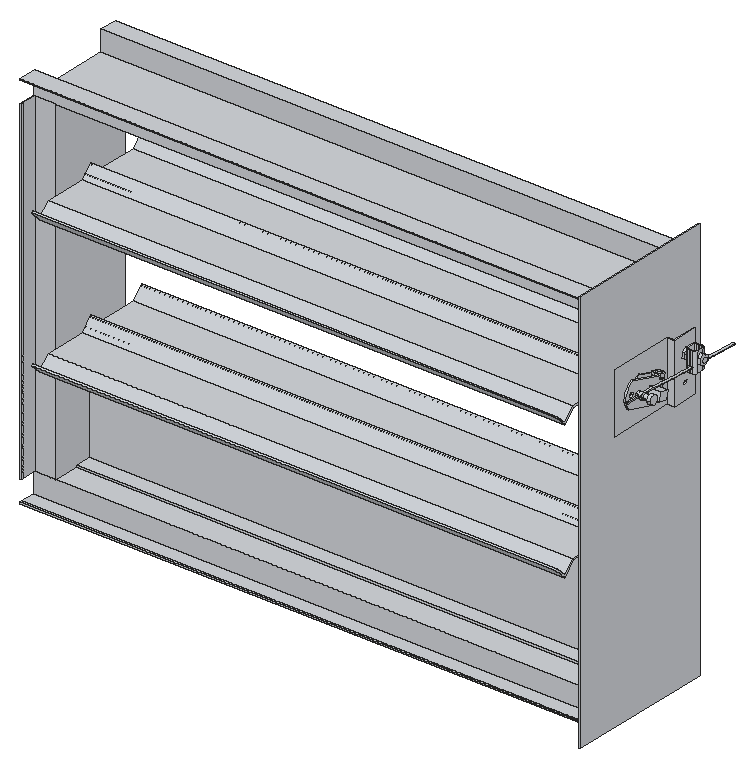
Revit family "BO-110H", category Mechanical Equipment, Revit 2015
Parameters
  URL = "https://unitedenertech.com/catalog/pdf/E_14a%20Diffuser,%20Grille%20Balancing%20Bowden%20Cable%20System.pdf"
  Type Comments = "Max. Single Section Size is (24\"w x 18\"h)"
  Model = "BO-110H"
  Manufacturer = "United Enertech Corporation"
  Keynote = "This model is only a representation of the product, blade position will vary from built dampers."
  Exact Width = 2' - 0"
  Exact Height = 1' - 4"
  Description = "Control Damper Diffuser/Grille Balancing Bowden Cable System"
  Blade Spacing = 0' - 5 3/4"
  Blade Number [instance] = rounddown((Exact Height - 0' 4") / Blade Spacing)  # 2
  BW [instance] = Exact Width - 0' 1 247/256"  # 1' - 10 9/256"
Reference planes (in)
  plane 1 "Center (Front/Back)": y = 0
  plane 2: z = 0
  plane 3 "Center (Left/Right)": x = 0
  plane 4: x = -12
  plane 5: x = 12
  plane 6: z = 16
  plane 7: z = 15.0652
  plane 8: z = 0.9348
  plane 9: x = -11.0652
  plane 10: x = 11.0652
  plane 11: z = 11.63988
  plane 12: z = -0.5
  plane 13: z = 16.5
  plane 14: y = 5.625
  plane 15: y = -0.625
  plane 16: x = 12.0478
  plane 17: x = 13.0478
  plane 18: z = 12.99846
Forms (in)
  Extrusion 1, solid
    sketch origin (18.89882, -8.11588, 0) x (1, 0, 0) y (0, 1, 0)
      loop
        line (-30.83902, 8.11588) -> (-30.83902, 8.17568) -> (-30.83902, 8.80608) -> (-29.96402, 8.80608) -> (-29.96402, 12.42568) -> (-30.83902, 12.42568) -> (-30.83902, 13.05608) -> (-30.83902, 13.11588) -> (-30.89882, 13.11588) -> (-30.89882, 12.36588) -> (-30.02382, 12.36588) -> (-30.02382, 8.86588) -> (-30.89882, 8.86588) -> (-30.89882, 8.11588) -> (-30.83902, 8.11588)
    from 0.9348 to 15.0652
  Extrusion 2, solid
    sketch origin (-18.89882, -8.11588, 0) x (-1, 0, 0) y (0, -1, 0)
      loop
        line (-30.83902, -8.11588) -> (-30.89882, -8.11588) -> (-30.89882, -8.86588) -> (-30.02382, -8.86588) -> (-30.02382, -12.36588) -> (-30.89882, -12.36588) -> (-30.89882, -13.11588) -> (-30.83902, -13.11588) -> (-30.83902, -13.05608) -> (-30.83902, -12.42568) -> (-29.96402, -12.42568) -> (-29.96402, -8.80608) -> (-30.83902, -8.80608) -> (-30.83902, -8.17568) -> (-30.83902, -8.11588)
    from 0.9348 to 15.0652
  Extrusion 3, solid
    sketch origin (-18.65691, -8.11588, 5.10118) x (0, 0, -1) y (0, 1, 0)
      loop
        line (-10.83902, 8.11588) -> (-10.83902, 8.17568) -> (-10.83902, 8.80608) -> (-9.96402, 8.80608) -> (-9.96402, 12.42568) -> (-10.83902, 12.42568) -> (-10.83902, 13.05608) -> (-10.83902, 13.11588) -> (-10.89882, 13.11588) -> (-10.89882, 12.36588) -> (-10.02382, 12.36588) -> (-10.02382, 8.86588) -> (-10.89882, 8.86588) -> (-10.89882, 8.11588) -> (-10.83902, 8.11588)
    from 6.65691 to 30.65691
  Extrusion 4, solid
    sketch origin (-30.43142, -8.11588, 36.89882) x (0, 0, 1) y (0, 1, 0)
      loop
        line (-36.83902, 8.17568) -> (-36.83902, 8.80608) -> (-35.96402, 8.80608) -> (-35.96402, 12.42568) -> (-36.83902, 12.42568) -> (-36.83902, 13.05608) -> (-36.83902, 13.11588) -> (-36.89882, 13.11588) -> (-36.89882, 12.36588) -> (-36.02382, 12.36588) -> (-36.02382, 8.86588) -> (-36.89882, 8.86588) -> (-36.89882, 8.11588) -> (-36.83902, 8.11588) -> (-36.83902, 8.17568)
    from -42.43142 to -18.43142
  Extrusion 5, solid
    sketch origin (-35.50069, -38.44609, 25.36795) x (0, -1, 0) y (0, 0, -1)
      loop
        line (-41.02709, 10.80275) -> (-41.02709, 10.30275) -> (-40.27709, 10.30275) -> (-40.27709, 10.38375) -> (-40.94609, 10.38375) -> (-40.94609, 10.80275) -> (-41.02709, 10.80275)
    from 24.43549 to 46.56589
  Extrusion 6, solid
    sketch origin (0, 0, 0) x (0, 1, 0) y (0, 0, 1)
      loop
        line (2.5, 0.9348) -> (2.5, 4.9348) -> (2.42187, 4.9348) -> (2.42187, 1.01292) -> (1.75, 1.01292) -> (1.75, 0.9348) -> (2.5, 0.9348)
    from -11.0652 to 11.0652
  Extrusion 7, solid
    sketch origin (0, 0, 0) x (0, 1, 0) y (0, 0, 1)
      loop
        line (5.625, 16.5) -> (-0.625, 16.5) -> (-0.625, -0.5) -> (5.625, -0.5) -> (5.625, 16.5)
    from 12 to 12.0478
  Extrusion 8, solid
    sketch origin (0, 6.21341, 0.32457) x (0, 0.866025, 0.5) y (0, -0.5, 0.866025)
      loop
        line (2.75199, 11.75769) -> (2.50208, 12.0076) -> (2.25013, 11.75565) -> (2.50004, 11.50574) -> (2.75199, 11.75769)
    from 12 to 13.0478
Dimensions and locks (in)
  equal spacing: plane 4, plane 3 "Center (Left/Right)", plane 5
  "Exact Width": plane 4 to plane 5
  "Exact Height": plane 6 to level
  locked: plane 6 to plane 7 at 0.9348
  locked: plane 8 to level at 0.9348
  locked: plane 10 to plane 5 at 0.9348
  locked: plane 4 to plane 9 at 0.9348
  locked: plane 6 to plane 11 at 4.36012
  group 1 to group 2 = 0' - 0"  (x2)
  group 2 to group 1 = 0' - 5 3/4"
  "Blade Spacing": nested 1 to nested 2
  locked: level to plane 12 at 0.5
  locked: plane 13 to plane 6 at 0.5
  locked: plane 5 to plane 16 at 0.0478
  locked: plane 16 to plane 17 at 1
  locked: plane 6 to plane 18 at 3.00154
  aligned and locked: level to plane 2
  aligned and locked: plane 6 to Extrusion 3
  aligned and locked: plane 4 to Extrusion 3
  aligned and locked: Extrusion 3 to plane 5
  aligned and locked: plane 7 to Extrusion 1
  aligned and locked: plane 7 to Extrusion 2
  aligned and locked: Extrusion 1 to plane 8
  aligned and locked: Extrusion 2 to plane 8
  aligned and locked: Extrusion 4 to plane 5
  aligned and locked: plane 4 to Extrusion 4
  aligned and locked: Extrusion 5 to Extrusion 3
  aligned and locked: plane 10 to Extrusion 5
  aligned and locked: Extrusion 5 to plane 9
  aligned and locked: plane 11 to nested 1
  aligned and locked: plane 10 to Extrusion 6
  aligned and locked: Extrusion 6 to plane 9
  aligned and locked: Extrusion 7 sketch curve to plane 13
  aligned and locked: plane 12 to Extrusion 7 sketch curve
  aligned and locked: plane 15 to Extrusion 7 sketch curve
  aligned and locked: Extrusion 7 sketch curve to plane 14
  aligned and locked: plane 5 to Extrusion 7
  aligned and locked: plane 16 to Extrusion 7
  aligned and locked: plane 5 to Extrusion 8
  aligned and locked: Extrusion 8 to plane 17
  aligned and locked: nested 3 to plane 16
  aligned and locked: plane 18 to nested 3
Automatic sketch dimensions
  Extrusion 3 sketch curve to plane 6 = 0' - 0"  (x2)
  Extrusion 3 sketch curve to plane 1 "Center (Front/Back)" = 0' - 0"
  Extrusion 3 sketch curve to plane 7 = 0' - 0"
  Extrusion 3 sketch curve to plane 6 = 0' - 0.0598"  (x2)
  plane 7 to Extrusion 3 sketch curve = 0' - 0.0598"
  Extrusion 3 sketch curve to Extrusion 3 sketch curve = 0' - 0.0598"  (x4)
  Extrusion 3 sketch curve to Extrusion 3 sketch curve = 0' - 0.6304"  (x2)
  Extrusion 3 sketch curve to Extrusion 3 sketch curve = 0' - 3 1/2"
  Extrusion 4 sketch curve to level = 0' - 0"  (x2)
  Extrusion 4 sketch curve to plane 1 "Center (Front/Back)" = 0' - 0"
  Extrusion 4 sketch curve to plane 8 = 0' - 0"
  level to Extrusion 4 sketch curve = 0' - 0.0598"  (x2)
  Extrusion 4 sketch curve to plane 8 = 0' - 0.0598"
  Extrusion 4 sketch curve to plane 1 "Center (Front/Back)" = 0' - 0.0598"
  Extrusion 4 sketch curve to Extrusion 4 sketch curve = 0' - 0.6304"  (x2)
  Extrusion 4 sketch curve to Extrusion 4 sketch curve = 0' - 0.0598"  (x3)
  Extrusion 4 sketch curve to Extrusion 4 sketch curve = 0' - 3 1/2"
  Extrusion 5 sketch curve to plane 1 "Center (Front/Back)" = 0' - 2.581"
  Extrusion 5 sketch curve to Extrusion 5 sketch curve = 0' - 0.081"  (x2)
  Extrusion 5 sketch curve to Extrusion 5 sketch curve = 0' - 0.669"
  plane 8 to Extrusion 5 sketch curve = 1' - 2.1304"
  Extrusion 5 sketch curve to Extrusion 5 sketch curve = 0' - 0.419"
  Extrusion 6 sketch curve to plane 8 = 0' - 0"
  plane 8 to Extrusion 6 sketch curve = 0' - 0 5/64"
  Extrusion 6 sketch curve to plane 1 "Center (Front/Back)" = 0' - 1 3/4"
  Extrusion 6 sketch curve to plane 1 "Center (Front/Back)" = 0' - 2 27/64"
  Extrusion 6 sketch curve to Extrusion 6 sketch curve = 0' - 0 5/64"
  Extrusion 6 sketch curve to Extrusion 6 sketch curve = 0' - 3 59/64"
  Extrusion 1 sketch curve to plane 4 = 0' - 0"  (x2)
  plane 1 "Center (Front/Back)" to Extrusion 1 sketch curve = 0' - 0"
  Extrusion 1 sketch curve to plane 9 = 0' - 0"
  Extrusion 1 sketch curve to plane 4 = 0' - 0.0598"  (x2)
  Extrusion 1 sketch curve to plane 9 = 0' - 0.0598"
  Extrusion 1 sketch curve to plane 1 "Center (Front/Back)" = 0' - 0.0598"
  Extrusion 1 sketch curve to Extrusion 1 sketch curve = 0' - 0.6304"  (x2)
  Extrusion 1 sketch curve to Extrusion 1 sketch curve = 0' - 0.0598"  (x3)
  Extrusion 1 sketch curve to plane 14 = 0' - 1 3/8"
  Extrusion 2 sketch curve to plane 5 = 0' - 0"  (x2)
  plane 1 "Center (Front/Back)" to Extrusion 2 sketch curve = 0' - 0"
  Extrusion 2 sketch curve to plane 10 = 0' - 0"
  Extrusion 2 sketch curve to plane 5 = 0' - 0.0598"  (x2)
  Extrusion 2 sketch curve to plane 10 = 0' - 0.0598"
  Extrusion 2 sketch curve to Extrusion 2 sketch curve = 0' - 0.0598"  (x4)
  Extrusion 2 sketch curve to Extrusion 2 sketch curve = 0' - 0.6304"  (x2)
  plane 14 to Extrusion 2 sketch curve = 0' - 1 3/8"
  Extrusion 8 sketch curve to plane 11 = 0' - 0.00956"
  Extrusion 8 sketch curve to plane 1 "Center (Front/Back)" = 0' - 2.28426"
  Extrusion 8 sketch curve to Extrusion 8 sketch curve = 0' - 0.24991"  (x2)
  Extrusion 8 sketch curve to Extrusion 8 sketch curve = 0' - 0.25195"
Nested families (in)
  nested 1: "CDBLADE" at (0, -1.88123, 5.60988), type "CDBLADE"
  nested 2: "CDBLADE" at (0, -1.88123, -0.14012), type "CDBLADE"
  nested 3: "Bowden Controller" at (3.98214, -6.36308, 12.99846) x (0, -1, 0) z (0, 0, -1), type "Bowden Controller"
Definition of nested family "CDBLADE"
  Parameters (values of type "CDBLADE")
    Blade Width = 2' - 0"
  Reference planes (in)
    plane 1 "Center (Front/Back)": y = 0
    plane 2: z = 0
    plane 3 "Center (Left/Right)": x = 0
    plane 4: x = -12
    plane 5: x = 12
    plane 6: x = -10
    plane 7: x = 10
    plane 8: x = 13
    plane 9: x = -13
  Forms (in)
    Extrusion 1, solid
      sketch origin (-5.47457, 40.29466, 20.09893) x (0, 1, 0) y (0, 0, 1)
        loop
          line (-38.9965, -14.09675) -> (-39.03892, -14.13918) -> (-38.59483, -14.58328) -> (-38.14048, -14.12893) -> (-36.34342, -14.12893) -> (-35.91392, -13.69943) -> (-35.48443, -14.12893) -> (-33.66252, -14.12893) -> (-33.23302, -13.69943) -> (-32.83135, -14.1011) -> (-32.78892, -14.05868) -> (-33.23302, -13.61458) -> (-33.68737, -14.06893) -> (-35.45957, -14.06893) -> (-35.91392, -13.61458) -> (-36.36828, -14.06893) -> (-38.16533, -14.06893) -> (-38.59483, -14.49842) -> (-38.9965, -14.09675)
      from -6.52543 to 17.47457
    Extrusion 2, solid
      sketch origin (-5.47457, 40.31254, 20.55465) x (0, 1, 0) y (0, 0, 1)
        loop
          line (-35.93181, -14.15516) -> (-36.19054, -14.4148) -> (-35.93131, -14.67313) -> (-35.67217, -14.41399) -> (-35.93181, -14.15516)
      from 15.47457 to 18.47457
    Extrusion 3, solid
      sketch origin (-19.72457, 40.31254, 20.55465) x (0, 1, 0) y (0, 0, 1)
        loop
          line (-35.93181, -14.15516) -> (-36.19054, -14.4148) -> (-35.93131, -14.67313) -> (-35.67217, -14.41399) -> (-35.93181, -14.15516)
      from 6.72457 to 9.72457
  Dimensions and locks (in)
    equal spacing: plane 4, plane 3 "Center (Left/Right)", plane 5
    "Blade Width": plane 4 to plane 5
    locked: plane 9 to plane 4 at 1
    locked: plane 4 to plane 6 at 2
    locked: plane 7 to plane 5 at 2
    locked: plane 5 to plane 8 at 1
    aligned and locked: level to plane 2
    aligned and locked: plane 4 to Extrusion 1
    aligned and locked: plane 5 to Extrusion 1
    aligned and locked: plane 8 to Extrusion 2
    aligned and locked: plane 7 to Extrusion 2
    aligned and locked: Extrusion 3 to plane 9
    aligned and locked: Extrusion 3 to plane 6
  Automatic sketch dimensions
    Extrusion 1 sketch curve to plane 1 "Center (Front/Back)" = 0' - 1.25573"
    Extrusion 1 sketch curve to Extrusion 1 sketch curve = 0' - 0.04243"  (x2)
    Extrusion 1 sketch curve to Extrusion 1 sketch curve = 0' - 0.40167"  (x2)
    Extrusion 1 sketch curve to Extrusion 1 sketch curve = 0' - 0"  (x4)
    Extrusion 1 sketch curve to Extrusion 1 sketch curve = 0' - 0.4295"  (x2)
    Extrusion 1 sketch curve to Extrusion 1 sketch curve = 0' - 0.02485"  (x4)
    Extrusion 1 sketch curve to Extrusion 1 sketch curve = 0' - 1.7722"  (x2)
    Extrusion 1 sketch curve to Extrusion 1 sketch curve = 0' - 0.45435"  (x2)
    level to Extrusion 1 sketch curve = 0' - 5.51565"
    Extrusion 1 sketch curve to Extrusion 1 sketch curve = 0' - 0.35925"
    Extrusion 1 sketch curve to Extrusion 1 sketch curve = 0' - 0.02782"
    Extrusion 2 sketch curve to plane 1 "Center (Front/Back)" = 0' - 4.122"
    Extrusion 2 sketch curve to Extrusion 2 sketch curve = 0' - 0.25873"
    Extrusion 2 sketch curve to Extrusion 2 sketch curve = 0' - 0.25923"
    Extrusion 2 sketch curve to Extrusion 2 sketch curve = 0' - 0.25914"  (x2)
    level to Extrusion 2 sketch curve = 0' - 5.88153"
    Extrusion 2 sketch curve to Extrusion 2 sketch curve = 0' - 0.25833"
    Extrusion 3 sketch curve to plane 1 "Center (Front/Back)" = 0' - 4.122"
    Extrusion 3 sketch curve to Extrusion 3 sketch curve = 0' - 0.25873"
    Extrusion 3 sketch curve to Extrusion 3 sketch curve = 0' - 0.25923"
    Extrusion 3 sketch curve to Extrusion 3 sketch curve = 0' - 0.25914"  (x2)
    level to Extrusion 3 sketch curve = 0' - 5.88153"
    Extrusion 3 sketch curve to Extrusion 3 sketch curve = 0' - 0.25833"
Definition of nested family "Bowden Controller"
  Reference planes (in)
    plane 1 "Center (Front/Back)": y = 0
    plane 2: z = 0
    plane 3 "Center (Left/Right)": x = 0
  Forms (in)
    Extrusion 1, solid
      sketch origin (0, 1.16568, 0) x (1, 0, 0) y (0, 1, 0)
        loop
          line (-11.33818, -9.57834) -> (-10.24418, -9.57834) -> (-10.24418, -9.27914) -> (-7.48198, -9.27914) -> (-7.48198, -9.23134) -> (-10.29198, -9.23134) -> (-10.29198, -9.53054) -> (-11.33818, -9.53054) -> (-11.33818, -9.57834)
      from 0 to 2.5
    Extrusion 2, void
      sketch origin (0, 0, 0) x (1, 0, 0) y (0, 0, 1)
        loop
          circle (-10.80456, 1.814) r 0.1
      from 8.11346 to 8.69111
    Extrusion 3, void
      sketch origin (0, 0, 2.5) x (1, 0, 0) y (0, 0, 1)
        loop
          circle (-10.80456, -1.814) r 0.1
      from 8.11346 to 8.69111
    Extrusion 4, void
      sketch origin (0, 0, 0) x (1, 0, 0) y (0, 0, 1)
        loop
          circle (-8.86308, 1.25) r 0.4375
      from 7.46393 to 8.69111
    Extrusion 5, solid
      sketch origin (-4.60825, -8.36486, -0.54008) x (1, 0, 0) y (0, 0, 1)
        loop
          circle (-6.1963, 1.22608) r 0.095
      from 0 to 0.88668
    Revolve 6, solid
      sketch origin (-4.60825, -8.36486, 0.686) x (1, 0, 0) y (0, 1, 0)
        loop
          line (-6.4163, 0.125) -> (-6.2913, 0) -> (-6.1963, 0) -> (-6.1963, 0.125) -> (-6.4163, 0.125)
        axis (-6.1963, 0) -> (-6.1963, 0.125)
      angle from 0 to 360
    Extrusion 7, solid
      sketch origin (-6.09625, -8.43895, -0.48569) x (1, 0, 0) y (0, 0, 1)
        loop
          line (-4.89304, 1.27995) -> (-4.89304, 1.06344) -> (-4.70554, 0.95519) -> (-4.51804, 1.06344) -> (-4.51804, 1.27995) -> (-4.70554, 1.3882) -> (-4.89304, 1.27995)
      from 0 to 0.128
    Extrusion 8, void
      sketch origin (-5.45346, -8.43895, 0.28035) x (1, 0, 0) y (0, 0, 1)
        loop
          circle (-5.34833, 0.40565) r 0.095
      from -0.10167 to 0.17385
    Extrusion 9, solid
      sketch origin (-18.94958, 1.04, 0.35517) x (0, 1, 0) y (-1, 0, 0)
        loop
          line (-9.8671, -8.39503) -> (-9.77214, -8.39503)
          arc (-9.77214, -8.39503) -> (-9.68372, -8.3584) -> (-9.6471, -8.26999) r 0.12504
          line (-9.6471, -8.26999) -> (-9.6471, -8.02073)
          arc (-9.6471, -8.02073) -> (-9.68391, -7.93184) -> (-9.7728, -7.89503) r 0.12571
          line (-9.7728, -7.89503) -> (-9.8671, -7.89503) -> (-9.8671, -7.94283) -> (-9.75861, -7.94283)
          arc (-9.75861, -7.94283) -> (-9.71356, -7.96149) -> (-9.6949, -8.00654) r 0.06372
          line (-9.6949, -8.00654) -> (-9.6949, -8.28351)
          arc (-9.6949, -8.28351) -> (-9.71356, -8.32856) -> (-9.75861, -8.34723) r 0.06372
          line (-9.75861, -8.34723) -> (-9.8671, -8.34723) -> (-9.8671, -8.39503)
      from 0 to 0.835
    Extrusion 10, void
      sketch origin (-18.94958, -8.51144, 1.1835) x (-1, 0, 0) y (0, 0, -1)
        loop
          circle (-8.14503, 0.495) r 0.105
      from 0 to 0.26024
    Extrusion 11, void
      sketch origin (-2.65953, 3.23856, 0.1935) x (0, 1, 0) y (0, 0, 1)
        loop
          circle (-12.06566, 0.82667) r 0.094
      from -8.5611 to -7.71467
    Extrusion 12, solid
      sketch origin (-18.94958, -18.69419, 0.35517) x (0, 1, 0) y (-1, 0, 0)
        loop
          line (9.8671, -8.39503) -> (9.8671, -8.34723) -> (9.75861, -8.34723)
          arc (9.75861, -8.34723) -> (9.71356, -8.32856) -> (9.6949, -8.28351) r 0.06372
          line (9.6949, -8.28351) -> (9.6949, -8.00654)
          arc (9.6949, -8.00654) -> (9.71356, -7.96149) -> (9.75861, -7.94283) r 0.06372
          line (9.75861, -7.94283) -> (9.8671, -7.94283) -> (9.8671, -7.89503) -> (9.7728, -7.89503)
          arc (9.7728, -7.89503) -> (9.68391, -7.93184) -> (9.6471, -8.02073) r 0.12571
          line (9.6471, -8.02073) -> (9.6471, -8.26999)
          arc (9.6471, -8.26999) -> (9.68372, -8.3584) -> (9.77214, -8.39503) r 0.12504
          line (9.77214, -8.39503) -> (9.8671, -8.39503)
      from 0 to 0.835
    Extrusion 13, void
      sketch origin (-18.94958, -9.14276, 1.1835) x (-1, 0, 0) y (0, 0, 1)
        loop
          circle (-8.14503, -0.495) r 0.105
      from 0 to 0.26024
    Extrusion 14, void
      sketch origin (-2.65953, -20.89276, 0.1935) x (0, -1, 0) y (0, 0, -1)
        loop
          circle (-12.06566, -0.82667) r 0.094
      from -8.5611 to -7.71467
    Extrusion 15, solid
      sketch origin (-6.09625, -9.21525, -0.48569) x (1, 0, 0) y (0, 0, -1)
        loop
          line (-4.89304, -1.27995) -> (-4.70554, -1.3882) -> (-4.51804, -1.27995) -> (-4.51804, -1.06344) -> (-4.70554, -0.95519) -> (-4.89304, -1.06344) -> (-4.89304, -1.27995)
      from 0 to 0.128
    Extrusion 16, solid
      sketch origin (-4.89874, 1.46452, -0.48487) x (0.956305, 0, -0.292372) y (0, 1, 0)
        loop
          line (-2.93734, -10.02044) -> (-2.93734, -9.93944) -> (-4.78584, -9.93944)
          arc (-4.78584, -9.93944) -> (-4.91734, -9.80794) -> (-4.78584, -9.67644) r 0.1315
          line (-4.78584, -9.67644) -> (-3.72534, -9.67644) -> (-3.72534, -9.59544) -> (-4.78584, -9.59544)
          arc (-4.78584, -9.59544) -> (-4.99834, -9.80794) -> (-4.78584, -10.02044) r 0.2125
          line (-4.78584, -10.02044) -> (-2.93734, -10.02044)
      from 0 to 1
    Extrusion 17, void
      sketch origin (-4.89874, 1.46452, -0.48487) x (0.956305, 0, -0.292372) y (0.292372, 0, 0.956305)
        loop
          line (-3.188, 0) -> (-3.188, -0.19122) -> (-2.56999, -0.19122) -> (-2.56999, 1.22154) -> (-3.188, 1.22154) -> (-3.188, 1)
          arc (-3.188, 1) -> (-2.93734, 0.5) -> (-3.188, 0) r 0.62402
      from 9.88197 to 10.10816
    Extrusion 18, void
      sketch origin (-5.65231, 1.46452, -0.25448) x (0.956305, 0, -0.292372) y (0.292372, 0, 0.956305)
        loop
          line (-3.188, 0) -> (-3.188, -0.19122) -> (-2.56999, -0.19122) -> (-2.56999, 1.22154) -> (-3.188, 1.22154) -> (-3.188, 1)
          arc (-3.188, 1) -> (-2.93734, 0.5) -> (-3.188, 0) r 0.62402
      from 9.52572 to 9.8001
    Extrusion 19, void
      sketch origin (-4.89874, 1.46452, -0.48487) x (0.956305, 0, -0.292372) y (0.292372, 0, 0.956305)
        loop
          circle (-3.18334, 0.5) r 0.125
      from 9.67644 to 10.5
    Extrusion 20, void
      sketch origin (-4.89874, 1.46452, -0.48487) x (0.956305, 0, -0.292372) y (0.292372, 0, 0.956305)
        loop
          circle (-3.53134, 0.5) r 0.125
      from 9.67644 to 10.52044
    Extrusion 21, void
      sketch origin (-4.89874, 1.46452, -0.48487) x (0.956305, 0, -0.292372) y (0.292372, 0, 0.956305)
        loop
          line (-5.15454, 0.581) -> (-5.15454, 0.419) -> (-4.49084, 0.419) -> (-4.49084, 0.3075) -> (-4.10584, 0.3075) -> (-4.10584, 0.6925) -> (-4.49084, 0.6925) -> (-4.49084, 0.581) -> (-5.15454, 0.581)
      from 9.25154 to 10.26854
    Extrusion 22, void
      sketch origin (-4.96808, 1.46452, -0.71164) x (0.956305, 0, -0.292372) y (0.292372, 0, 0.956305)
        loop
          line (-4.99834, 1.23714) -> (-4.99834, 1.10514) -> (-4.57534, 1.10514) -> (-4.57534, 1.23714) -> (-4.99834, 1.23714)
      from 9.25154 to 10.19885
    Extrusion 23, void
      sketch origin (-5.22186, 1.46452, -1.54172) x (0.956305, 0, -0.292372) y (0.292372, 0, 0.956305)
        loop
          line (-4.99834, 1.23714) -> (-4.99834, 1.10514) -> (-4.57534, 1.10514) -> (-4.57534, 1.23714) -> (-4.99834, 1.23714)
      from 9.25154 to 10.19885
    Extrusion 24, solid
      sketch origin (-8.08776, -14.52887, 1.33974) x (0, -1, 0) y (-0.956305, 0, 0.292372)
        loop
          circle (-6.1963, 1.22608) r 0.095
      from 0 to 0.88668
    Revolve 25, solid
      sketch origin (-9.26026, -14.52887, 1.69821) x (0, -1, 0) y (0.292372, 0, 0.956305)
        loop
          line (-6.4163, 0.125) -> (-6.2913, 0) -> (-6.1963, 0) -> (-6.1963, 0.125) -> (-6.4163, 0.125)
        axis (-6.1963, 0) -> (-6.1963, 0.125)
      angle from 0 to 360
    Extrusion 26, solid
      sketch origin (-8.38839, -13.04087, 0.5424) x (0, -1, 0) y (0.956305, 0, -0.292372)
        loop
          line (-4.89304, -1.27995) -> (-4.70554, -1.3882) -> (-4.51804, -1.27995) -> (-4.51804, -1.06344) -> (-4.70554, -0.95519) -> (-4.89304, -1.06344) -> (-4.89304, -1.27995)
      from 0 to 0.128
    Extrusion 27, void
      sketch origin (-5.45346, -9.12437, 0.28035) x (1, 0, 0) y (0, 0, 1)
        loop
          circle (-5.34833, 0.40565) r 0.095
      from -0.10167 to 0.17385
    Extrusion 28, void
      sketch origin (-9.09439, -13.68366, 0.85328) x (0, -1, 0) y (-0.956305, 0, 0.292372)
        loop
          circle (-5.34833, 0.40565) r 0.095
      from -0.10167 to 0.17385
    Extrusion 29, solid
      sketch origin (-3.32807, -8.40992, -0.88362) x (1, 0, 0) y (0, 0, 1)
        loop
          circle (-4.80153, 1.90937) r 0.175
      from 0 to 0.065
    Extrusion 30, solid
      sketch origin (-3.32807, -8.40992, -0.88362) x (1, 0, 0) y (0, 0, 1)
        loop
          circle (-4.80153, 1.90937) r 0.1225
      from 0.065 to 0.421
    Extrusion 31, solid
      sketch origin (-3.32807, -8.40992, -0.88362) x (1, 0, 0) y (0, 0, 1)
        loop
          circle (-4.80153, 1.90937) r 0.095
      from 0.421 to 0.6885
    Extrusion 32, solid
      sketch origin (-3.32807, -8.65992, -0.88362) x (1, 0, 0) y (0, 0, 1)
        loop
          circle (-4.80153, 1.90937) r 0.175
      from 0.4385 to 0.5793
    Extrusion 33, void
      sketch origin (-3.32807, -8.40992, -0.88362) x (0, 1, 0) y (0, 0, 1)
        loop
          circle (-0.243, 1.90937) r 0.08044
      from -4.99008 to -4.61212
    Sweep 34, solid
      path in 3D
        loop
          spline (-12.69767, -8.93222, 1.02257) -> (-12.00336, -8.89056, 1.02257) -> (-11.39438, -8.86439, 1.02257) -> (-10.86338, -8.84677, 1.02257) -> (-10.40297, -8.83079, 1.02257) -> (-10.00568, -8.80963, 1.02257) -> (-9.65968, -8.78098, 1.02257) -> (-9.3473, -8.74864, 1.02257) -> (-9.05043, -8.71683, 1.02257) -> (-8.75092, -8.68977, 1.02257) -> (-8.42014, -8.67051, 1.02257) -> (-8.0037, -8.65918, 1.02257) -> (-7.44327, -8.65547, 1.02257)
      profile origin (-9.65968, -8.78098, 1.02257) x (-0.095223, 0.995456, 0) y (0, 0, 1)
        loop
          circle (0, 0) r 0.04209
  Cuts and joins
    Extrusion 2, Extrusion 3, Extrusion 4 cuts Extrusion 1
    Extrusion 8, Extrusion 27 cuts Extrusion 7
    Extrusion 10, Extrusion 11, Extrusion 13, Extrusion 14 cuts Extrusion 9
    Extrusion 13, Extrusion 14 cuts Extrusion 12
    Extrusion 17, Extrusion 18, Extrusion 19, Extrusion 20, Extrusion 21, Extrusion 22, Extrusion 23 cuts Extrusion 16
    Extrusion 27 cuts Revolve 6
    Extrusion 27, Extrusion 28 cuts Extrusion 15
    Extrusion 28 cuts Extrusion 26
    Extrusion 33 cuts Extrusion 30
  Lines and regions (in)
    sketch lines
      curve 1: spline (-12.69767, -8.93222, 1.02257) -> (-12.00336, -8.89056, 1.02257) -> (-11.39438, -8.86439, 1.02257) -> (-10.86338, -8.84677, 1.02257) -> (-10.40297, -8.83079, 1.02257) -> (-10.00568, -8.80963, 1.02257) -> (-9.65968, -8.78098, 1.02257) -> (-9.3473, -8.74864, 1.02257) -> (-9.05043, -8.71683, 1.02257) -> (-8.75092, -8.68977, 1.02257) -> (-8.42014, -8.67051, 1.02257) -> (-8.0037, -8.65918, 1.02257) -> (-7.44327, -8.65547, 1.02257)
  Dimensions and locks (in)
    aligned and locked: level to plane 2
